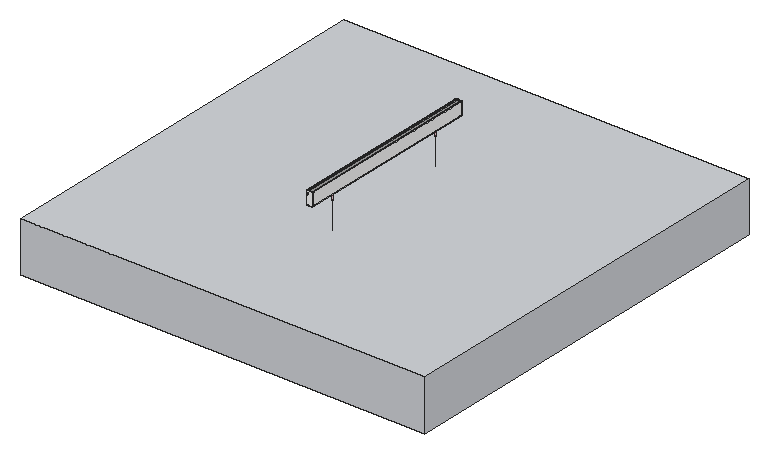
Revit family "LAMP_FIL 35 1120MM OPAL COMFORT SUSPENDED", category Luminarias, Revit 2018
Family settings
  Anfitrión = Cara
  Cota de conector redondo = Diámetro de uso
  Tipo de pieza = Normal
  Corte con vacíos al cargar = No
  Origen de luz = Sí
  Compartido = No
  Punto de cálculo de habitación = No
Parameters (values of type "1112LM 3000K  BLACK")
  Ángulo de inclinación = -90.00°
  Weight = 2.435 kg
  Wattage = 12.1 W
  Type = "MID POWER TRIDONIC"
  built-in parameter 1150107 = 3000 (stored number, unit not read)
  NOT COVER 2 [instance] = not(END COVER 2)  # no
  NOT COVER 1 [instance] = not(END COVER 1)  # no
  END COVER 2 [instance] = yes
  END COVER 1 [instance] = yes
  Suspension distance [instance] = if(Suspension > 4000 mm, 4000 mm, if(Suspension < 1 mm, 1 mm, Suspension))  # 200 mm
  Suspension [instance] = 200 mm
  built-in parameter 1150110 = 1 (stored number, unit not read)
  built-in parameter 1150109 = 1 (stored number, unit not read)
  built-in parameter 1150112 = 1 (stored number, unit not read)
  built-in parameter 1150113 = 1 (stored number, unit not read)
  built-in parameter 1114218 = 1 (stored number, unit not read)
  Protection rating = "IP20 / IK07"
  Product datasheet = "http://www.lamp.es/product-files/TECH/F31SF112LOOC830NB-EN.pdf"
  Product code = "F31SF112LOOC830NB"
  Product URL = "https://www.lamp.es/en/family/fil-35_413911"
  Power Supply = "220-240V 50/60Hz"
  Power = 11 W
  Plum = 12.1 W
  Photobiological risk = ""
  built-in parameter 1150137 = (empty or 0)
  built-in parameter 1150132 = 2
  Modelo = Product code  # "F31SF112LOOC830NB"
  Model Explanation = ""
  Material suspension = LAMP_Acero genérico
  Material perfil = LAMP_Aluminio Perfil Fil NG
  Material difusor = LAMP_PC Difusor Opal Fil
  Manufacturer name = "LAMP"
  Manufacturer country = "Spain"
  Manufacturer URL = "http://www.lamp.es/en"
  MacAdam = "3"
  Longitud de línea de emisión = 1120 mm
  Last update = "03/05/2021"
  Lamp = "MID-POWER LED"
  LED Lifetime = "50.000 L90 B10"
  built-in parameter 1150105 = 439.41 (stored number, unit not read)
  built-in parameter 1150102 = (empty or 0)
  Insulation class = "I"
  Installation instructions = "https://www.lamp.es/product-files/INS/1004590-A%20INSTR.%20FIL35.pdf"
  built-in parameter 1150106 = 4.3941 (stored number, unit not read)
  IEE = "A+"
  Gear = "Electronic"
  Lumens = 1111.99 lm
  Finish = "Matte black RAL 9011"
  Color Filter = 16777215
  built-in parameter 1114217 = 1 (stored number, unit not read)
  built-in parameter 1150139 = (empty or 0)
  Fabricante = Manufacturer name  # "LAMP"
  Default Elevation = 1219.2 mm
  built-in parameter 1150104 = 8.5378 (stored number, unit not read)
  Efficacy = 91.9 lm/W
  Dimensions = "1120x35x80"
  Descripción = "FIL35 SUR 1120 1600 WW OP COMF BK."
  built-in parameter 1150115 = 1 (stored number, unit not read)
  built-in parameter 1150114 = 1 (stored number, unit not read)
  built-in parameter 1150138 = (empty or 0)
  built-in parameter 1150134 = 3
  Dimming Lamp Color Temperature Shift = (empty or 0)
  CRI = "80"
  Archivo de red fotométrica = "F31SF112LOOC830NB.IES"
  built-in parameter 1150133 = 10 (stored number, unit not read)
Types (12, lengths in mm): name | built-in parameter 1150107 | Product datasheet | Product code | Modelo | Material perfil | Finish | Descripción | Archivo de red fotométrica
  1112LM 3000K DALI BLACK | 3000 (stored number, unit not read) | "http://www.lamp.es/product-files/TECH/F31SF112LOOC830DB-EN.pdf" | "F31SF112LOOC830DB" | "F31SF112LOOC830DB" | LAMP_Aluminio Perfil Fil NG | "Matte black RAL 9011" | "FIL35 SUR 1120 1600 WW OP COMF DALI BK." | "F31SF112LOOC830nB.IES"
  1112LM 3000K DALI GREY | 3000 (stored number, unit not read) | "http://www.lamp.es/product-files/TECH/F31SF112LOOC830DG-EN.pdf" | "F31SF112LOOC830DG" | "F31SF112LOOC830DG" | LAMP_Aluminio Perfil Fil GR | "Gloss grey" | "FIL35 SUR 1120 1600 WW OP COMF DALI GR." | "F31SF112LOOC830nG.IES"
  1112LM 3000K DALI WHITE | 3000 (stored number, unit not read) | "http://www.lamp.es/product-files/TECH/F31SF112LOOC830DW-EN.pdf" | "F31SF112LOOC830DW" | "F31SF112LOOC830DW" | LAMP_Aluminio Perfil Fil BL | "Matte white RAL 9010" | "FIL35 SUR 1120 1600 WW OP COMF DALI WH." | "F31SF112LOOC830nW.IES"
  1112LM 3000K  BLACK | 3000 (stored number, unit not read) | "http://www.lamp.es/product-files/TECH/F31SF112LOOC830NB-EN.pdf" | "F31SF112LOOC830NB" | "F31SF112LOOC830NB" | LAMP_Aluminio Perfil Fil NG | "Matte black RAL 9011" | "FIL35 SUR 1120 1600 WW OP COMF BK." | "F31SF112LOOC830NB.IES"
  1112LM 3000K  GREY | 3000 (stored number, unit not read) | "http://www.lamp.es/product-files/TECH/F31SF112LOOC830NG-EN.pdf" | "F31SF112LOOC830NG" | "F31SF112LOOC830NG" | LAMP_Aluminio Perfil Fil GR | "Gloss grey" | "FIL35 SUR 1120 1600 WW OP COMF GR." | "F31SF112LOOC830NG.IES"
  1112LM 3000K  WHITE | 3000 (stored number, unit not read) | "http://www.lamp.es/product-files/TECH/F31SF112LOOC830NW-EN.pdf" | "F31SF112LOOC830NW" | "F31SF112LOOC830NW" | LAMP_Aluminio Perfil Fil BL | "Matte white RAL 9010" | "FIL35 SUR 1120 1600 WW OP COMF WH." | "F31SF112LOOC830NW.IES"
  1112LM 4000K DALI BLACK | 4000 (stored number, unit not read) | "http://www.lamp.es/product-files/TECH/F31SF112LOOC840DB-EN.pdf" | "F31SF112LOOC840DB" | "F31SF112LOOC840DB" | LAMP_Aluminio Perfil Fil NG | "Matte black RAL 9011" | "FIL35 SUR 1120 1600 NW OP COMF DALI BK." | "F31SF112LOOC840nB.IES"
  1112LM 4000K DALI GREY | 4000 (stored number, unit not read) | "http://www.lamp.es/product-files/TECH/F31SF112LOOC840DG-EN.pdf" | "F31SF112LOOC840DG" | "F31SF112LOOC840DG" | LAMP_Aluminio Perfil Fil GR | "Gloss grey" | "FIL35 SUR 1120 1600 NW OP COMF DALI GR." | "F31SF112LOOC840nG.IES"
  1112LM 4000K DALI WHITE | 4000 (stored number, unit not read) | "http://www.lamp.es/product-files/TECH/F31SF112LOOC840DW-EN.pdf" | "F31SF112LOOC840DW" | "F31SF112LOOC840DW" | LAMP_Aluminio Perfil Fil BL | "Matte white RAL 9010" | "FIL35 SUR 1120 1600 NW OP COMF DALI WH." | "F31SF112LOOC840nW.IES"
  1112LM 4000K  BLACK | 4000 (stored number, unit not read) | "http://www.lamp.es/product-files/TECH/F31SF112LOOC840NB-EN.pdf" | "F31SF112LOOC840NB" | "F31SF112LOOC840NB" | LAMP_Aluminio Perfil Fil NG | "Matte black RAL 9011" | "FIL35 SUR 1120 1600 NW OP COMF BK." | "F31SF112LOOC840NB.IES"
  1112LM 4000K  GREY | 4000 (stored number, unit not read) | "http://www.lamp.es/product-files/TECH/F31SF112LOOC840NG-EN.pdf" | "F31SF112LOOC840NG" | "F31SF112LOOC840NG" | LAMP_Aluminio Perfil Fil GR | "Gloss grey" | "FIL35 SUR 1120 1600 NW OP COMF GR." | "F31SF112LOOC840NG.IES"
  1112LM 4000K  WHITE | 4000 (stored number, unit not read) | "http://www.lamp.es/product-files/TECH/F31SF112LOOC840NW-EN.pdf" | "F31SF112LOOC840NW" | "F31SF112LOOC840NW" | LAMP_Aluminio Perfil Fil BL | "Matte white RAL 9010" | "FIL35 SUR 1120 1600 NW OP COMF WH." | "F31SF112LOOC840NW.IES"
Reference planes
  plane 1 "Centro (Frontal/Posterior)": y = 0
  plane 2: z = 0
  plane 3 "Centro (Izquierda/Derecha)": x = 0
Forms (mm)
  Extrusion 1, solid
    sketch origin (0, 0, 0) x (1, 0, 0) y (0, 1, 0)
      loop
        line (-1219.2, 1219.2) -> (-1219.2, -1219.2) -> (1219.2, -1219.2) -> (1219.2, 1219.2) -> (-1219.2, 1219.2)
    from 0 to -304.8
  Extrusion 2, solid, material "LAMP_Aluminio Perfil Fil NG" <- "Material perfil"
    sketch origin (0, 0, 0) x (1, 0, 0) y (0, 0, 1)
      loop
        arc (17.75, 285.7) -> (16.75, 286.7) -> (15.75, 285.7) r 1
        line (15.75, 285.7) -> (15.75, 284.2) -> (13.95, 284.2) -> (13.95, 259) -> (0, 259) -> (-13.95, 259) -> (-13.95, 284.2) -> (-15.75, 284.2) -> (-15.75, 285.7)
        arc (-15.75, 285.7) -> (-16.75, 286.7) -> (-17.75, 285.7) r 1
        line (-17.75, 285.7) -> (-17.75, 206.5) -> (-16.75, 206.5) -> (-16.75, 209.7) -> (-12.5, 209.7) -> (-12.5, 207.7) -> (-14.8, 207.7) -> (-13.6, 206.5) -> (-11, 206.5) -> (-11, 214.5) -> (0, 214.5) -> (11, 214.5) -> (11, 206.5) -> (13.6, 206.5) -> (14.8, 207.7) -> (12.5, 207.7) -> (12.5, 209.7) -> (16.75, 209.7) -> (16.75, 206.5) -> (17.75, 206.5) -> (17.75, 285.7)
    from -560 to 560
  Extrusion 3, solid, material "LAMP_Acero genérico" <- "Material suspension"
    sketch origin (0, 0, 0) x (1, 0, 0) y (0, 0, 1)
      loop
        line (-12.5, 201) -> (-15.291, 208.272) -> (-13.251, 209.7) -> (-14.251, 209.7) -> (-16.291, 208.272) -> (-13.116, 200) -> (0, 200) -> (13.116, 200) -> (16.291, 208.272) -> (14.251, 209.7) -> (13.251, 209.7) -> (15.291, 208.272) -> (12.5, 201) -> (0, 201) -> (-12.5, 201)
    from -400 to -378
  Extrusion 4, solid, material "LAMP_Acero genérico" <- "Material suspension"
    sketch origin (0, -24, 0) x (1, 0, 0) y (0, 1, 0)
      loop
        circle (0, -365) r 5
    from 163.2 to 200
  Extrusion 5, solid, material "LAMP_Acero genérico" <- "Material suspension"
    sketch origin (0, 24, 0) x (1, 0, 0) y (0, 1, 0)
      loop
        circle (0, 365) r 5
    from 163.2 to 200
  Extrusion 6, solid, material "LAMP_Acero genérico" <- "Material suspension"
    sketch origin (0, 0, 0) x (1, 0, 0) y (0, 1, 0)
      loop
        circle (0, -389) r 1
    from 0 to 163.2
  Extrusion 7, solid, material "LAMP_Acero genérico" <- "Material suspension"
    sketch origin (0, 0, 0) x (1, 0, 0) y (0, 1, 0)
      loop
        circle (0, 389) r 1
    from 0 to 163.2
  Extrusion 8, solid, material "LAMP_PC Difusor Opal Fil" <- "Material difusor"
    sketch origin (0, 0, -200) x (1, 0, 0) y (0, 0, 1)
      loop
        line (-15.75, 484.2) -> (0, 484.2) -> (15.75, 484.2) -> (15.75, 486.7) -> (0, 486.7) -> (-15.75, 486.7) -> (-15.75, 484.2)
    from -560 to 560
  Extrusion 9, solid, material "LAMP_Acero genérico" <- "Material suspension"
    sketch origin (0, 0, 0) x (1, 0, 0) y (0, 0, -1)
      loop
        line (-12.5, -201) -> (0, -201) -> (12.5, -201) -> (15.291, -208.272) -> (13.251, -209.7) -> (14.251, -209.7) -> (16.291, -208.272) -> (13.116, -200) -> (0, -200) -> (-13.116, -200) -> (-16.291, -208.272) -> (-14.251, -209.7) -> (-13.251, -209.7) -> (-15.291, -208.272) -> (-12.5, -201)
    from -400 to -378
  Extrusion 10, solid, material "LAMP_PC Difusor Opal Fil" <- "Material difusor"
    sketch origin (0, 0, 0) x (1, 0, 0) y (0, 0, 1)
      loop
        line (-11, 214.5) -> (-11, 206.5) -> (-7.529, 206.5) -> (11, 206.5) -> (11, 214.5) -> (10, 214.5) -> (10, 207.5) -> (-10, 207.5) -> (-10, 214.5) -> (-11, 214.5)
    from -560 to 560
Lines and regions (mm)
  reference lines
    curve 1: line (0, -445.47, 200) -> (0, 544.53, 200)
Text (mm)
  text "Any modification of the parameters and properties of the LAMP BIM models must be executed and validated by the LAMP technical department.\nPhone: +34 93 736 68 00\nE-mail: lamp@lamp.es\n\nLAMP reserves the right to modify the technical specifications of its products." at (3252.211, 5261.782, -2790.614), in view "Preview"
Dimensions and locks
  "Suspension distance": level to curve 1
  locked: Extrusion 4 to Extrusion 4 at 36.8
  locked: Extrusion 5 to Extrusion 5 at 36.8
  aligned and locked: plane 2 to Extrusion 1
  aligned and locked: level to Extrusion 1
  aligned and locked: curve 1 to Extrusion 9
  aligned and locked: curve 1 to Extrusion 3
  aligned and locked: Extrusion 4 to curve 1
  aligned and locked: Extrusion 5 to curve 1
  aligned and locked: Extrusion 6 to Extrusion 4
  aligned and locked: Extrusion 7 to Extrusion 5
  aligned and locked: Extrusion 2 to Extrusion 9
  aligned and locked: Extrusion 10 to Extrusion 2
  aligned and locked: Extrusion 8 to Extrusion 2
  aligned and locked: imposter light to Extrusion 8
  aligned and locked: Extrusion 2 to nested 1
  aligned and locked: nested 2 to Extrusion 2
Automatic sketch dimensions
  Extrusion 1 sketch curve to Extrusion 1 sketch curve = 2438.4 mm  (x2)
  Extrusion 4 sketch curve to plane 3 "Centro (Izquierda/Derecha)" = 0 mm
  plane 1 "Centro (Frontal/Posterior)" to Extrusion 4 sketch curve = 389 mm
  Extrusion 5 sketch curve to plane 3 "Centro (Izquierda/Derecha)" = 0 mm
  plane 1 "Centro (Frontal/Posterior)" to Extrusion 5 sketch curve = 389 mm
  Extrusion 6 sketch curve to plane 3 "Centro (Izquierda/Derecha)" = 0 mm
  plane 1 "Centro (Frontal/Posterior)" to Extrusion 6 sketch curve = 389 mm
  Extrusion 7 sketch curve to plane 3 "Centro (Izquierda/Derecha)" = 0 mm
  plane 1 "Centro (Frontal/Posterior)" to Extrusion 7 sketch curve = 389 mm
  Extrusion 10 sketch curve to plane 3 "Centro (Izquierda/Derecha)" = 11 mm
  Extrusion 10 sketch curve to Extrusion 10 sketch curve = 1 mm  (x3)
  Extrusion 10 sketch curve to Extrusion 10 sketch curve = 2.471 mm
  plane 3 "Centro (Izquierda/Derecha)" to Extrusion 10 sketch curve = 10 mm
  level to Extrusion 10 sketch curve = 206.5 mm
  Extrusion 10 sketch curve to Extrusion 10 sketch curve = 7 mm  (x2)
  Extrusion 2 sketch curve to plane 3 "Centro (Izquierda/Derecha)" = 0 mm  (x2)
  Extrusion 2 sketch curve to Extrusion 2 sketch curve = 11 mm
  Extrusion 2 sketch curve to Extrusion 2 sketch curve = 1.5 mm  (x4)
  Extrusion 2 sketch curve to Extrusion 2 sketch curve = 1.1 mm  (x2)
  Extrusion 2 sketch curve to plane 3 "Centro (Izquierda/Derecha)" = 13.95 mm
  Extrusion 2 sketch curve to Extrusion 2 sketch curve = 1.2 mm  (x4)
  Extrusion 2 sketch curve to Extrusion 2 sketch curve = 1.8 mm  (x2)
  Extrusion 2 sketch curve to Extrusion 2 sketch curve = 1 mm  (x3)
  plane 3 "Centro (Izquierda/Derecha)" to Extrusion 2 sketch curve = 11 mm
  plane 3 "Centro (Izquierda/Derecha)" to Extrusion 2 sketch curve = 13.95 mm
  Extrusion 2 sketch curve to Extrusion 2 sketch curve = 1.95 mm
  level to Extrusion 2 sketch curve = 206.5 mm
  Extrusion 2 sketch curve to Extrusion 2 sketch curve = 0 mm  (x3)
  Extrusion 2 sketch curve to Extrusion 2 sketch curve = 2 mm  (x2)
  Extrusion 2 sketch curve to Extrusion 2 sketch curve = 4.8 mm
  Extrusion 2 sketch curve to Extrusion 2 sketch curve = 44.5 mm
  Extrusion 2 sketch curve to Extrusion 2 sketch curve = 25.2 mm
  Extrusion 2 sketch curve to Extrusion 2 sketch curve = 26.7 mm
  Extrusion 8 sketch curve to plane 3 "Centro (Izquierda/Derecha)" = 0 mm  (x2)
  Extrusion 8 sketch curve to Extrusion 8 sketch curve = 15.75 mm
  plane 3 "Centro (Izquierda/Derecha)" to Extrusion 8 sketch curve = 15.75 mm
  level to Extrusion 8 sketch curve = 284.2 mm
  Extrusion 9 sketch curve to plane 3 "Centro (Izquierda/Derecha)" = 0 mm  (x2)
  Extrusion 9 sketch curve to Extrusion 9 sketch curve = 12.5 mm
  Extrusion 9 sketch curve to Extrusion 9 sketch curve = 0.616 mm  (x2)
  Extrusion 9 sketch curve to Extrusion 9 sketch curve = 0.751 mm  (x2)
  Extrusion 9 sketch curve to Extrusion 9 sketch curve = 1 mm  (x5)
  Extrusion 9 sketch curve to Extrusion 9 sketch curve = 1.04 mm  (x2)
  plane 3 "Centro (Izquierda/Derecha)" to Extrusion 9 sketch curve = 12.5 mm
  level to Extrusion 9 sketch curve = 209.7 mm
  Extrusion 9 sketch curve to Extrusion 9 sketch curve = 0 mm  (x3)
  Extrusion 9 sketch curve to Extrusion 9 sketch curve = 1.428 mm  (x2)
  Extrusion 9 sketch curve to Extrusion 9 sketch curve = 7.272 mm
  Extrusion 3 sketch curve to plane 3 "Centro (Izquierda/Derecha)" = 0 mm  (x2)
  Extrusion 3 sketch curve to Extrusion 3 sketch curve = 12.5 mm
  Extrusion 3 sketch curve to Extrusion 3 sketch curve = 0.616 mm  (x2)
  Extrusion 3 sketch curve to Extrusion 3 sketch curve = 0.751 mm  (x2)
  Extrusion 3 sketch curve to Extrusion 3 sketch curve = 1 mm  (x5)
  Extrusion 3 sketch curve to Extrusion 3 sketch curve = 1.04 mm  (x2)
  plane 3 "Centro (Izquierda/Derecha)" to Extrusion 3 sketch curve = 12.5 mm
  level to Extrusion 3 sketch curve = 200 mm
  Extrusion 3 sketch curve to Extrusion 3 sketch curve = 7.272 mm  (x2)
  Extrusion 3 sketch curve to Extrusion 3 sketch curve = 0 mm  (x2)
  Extrusion 3 sketch curve to Extrusion 3 sketch curve = 1.428 mm  (x2)
  Extrusion 8 sketch curve to Extrusion 8 sketch curve = 2.5 mm
  plane 1 "Centro (Frontal/Posterior)" to curve 1 = 445.47 mm
  curve 1 to plane 1 "Centro (Frontal/Posterior)" = 544.53 mm
  radius of Extrusion 4 sketch curve = 5 mm
  radius of Extrusion 5 sketch curve = 5 mm
  radius of Extrusion 6 sketch curve = 1 mm
  radius of Extrusion 7 sketch curve = 1 mm
Nested families
  nested 1: "LAMP_FIL 35 END COVER SURFACE" at (0, -561.4, 206.5), visible <- "END COVER 1", type "Blanco"
  nested 2: "LAMP_FIL 35 END COVER SURFACE" at (0, 561.4, 206.5), visible <- "END COVER 2", type "Blanco"
Connectors
  electrical at (0, 389, 200)
    settings: on Extrusion 5, index 1, voltage 230 V, apparent load 0 VA, apparent load phase1 0 VA, apparent load phase2 0 VA, apparent load phase3 0 VA, power factor 1, load classification "Otro", number of poles 1, system type 31, power factor state 1, is connector primary yes, connector utility no, sub classification motor no, connector description ""
Definition of nested family "LAMP_FIL 35 END COVER SURFACE"
  Parameters (values of type "Blanco")
    Material tapa = none
  Reference planes
    plane 1 "Centro (Frontal/Posterior)": y = 0
    plane 2: z = 0
    plane 3 "Centro (Izquierda/Derecha)": x = 0
  Forms (mm)
    Extrusion 1, solid, material <- "Material tapa"
      sketch origin (0, 0, 0) x (0, -1, 0) y (0, 0, 1)
        loop
          line (0, 0) -> (1.4, 0) -> (1.4, 80.5) -> (-1.4, 80.5) -> (-1.4, 0) -> (0, 0)
      from -17.8 to 17.8
  Dimensions and locks
    aligned and locked: level to plane 2
